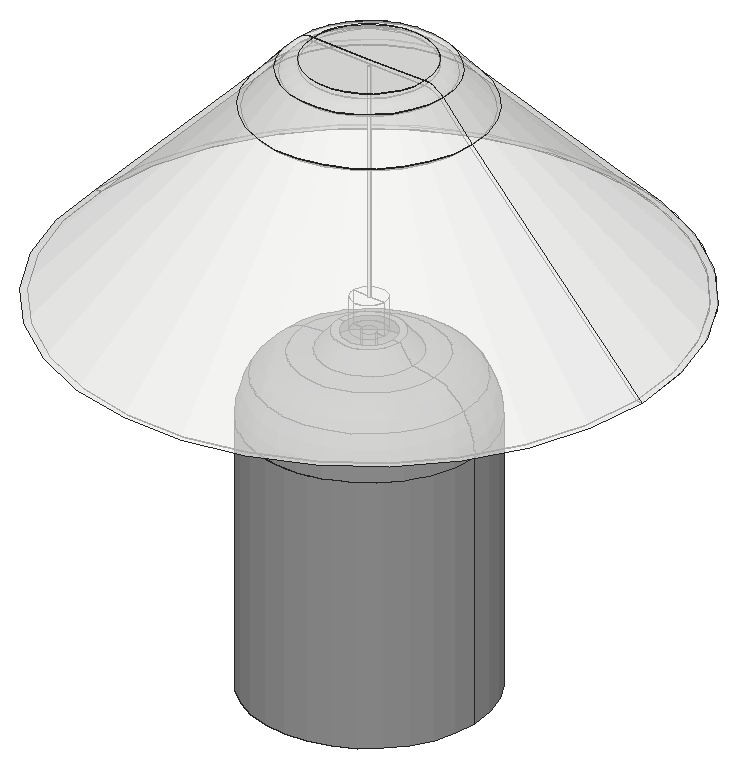
Revit family "ALEGA-Table", category Lighting Fixtures, Revit 2020
Family settings
  Round Connector Dimension = Use Diameter
  Part Type = Normal
  OmniClass Number = 23.80.70.00
  OmniClass Title = Lighting
  Work Plane-Based = Yes
  Always vertical = Yes
  Cut with Voids When Loaded = No
  Light Source = No
  Shared = No
  Room Calculation Point = No
Parameters (values of type "ALEGALT")
  World Region [instance] = yes
  Width = 45 mm
  Voltage Control [instance] = if(World Region, 240 VA, 110 VA)  # 240 VA
  Voltage [instance] = if(World Region, 240 V, 110 V)  # 240 V
  USA and Canada market contacts = "ip@vistosi.it, +39.344.180.73.87"
  USA Region [instance] = not(World Region)  # no
  URL Product Page = "https://vistosi.it/glass-lamps-products/alega-lt/?lang=en&sku=ALEGALT000000CR-BCCRE142CE"
  URL = "https://vistosi.com"
  Type Comments = "Studio Debonademeo"
  Region [instance] = if(World Region, "Europe", "USA")  # "Europe"
  Product data url = ""
  Model = "ALEGA"
  Material Bulb [instance] = 000_VISTOSI_Bulb
  Manufacturer country = "Italy"
  Manufacturer = "Vistosi"
  Light Source [instance] = Bulb : 2700 K 13 W 37 V 2000 lm DIM3 0-10V, Push
  Glass finish_type2 [instance] = none
  Glass finish_type1 [instance] = none
  Frequency [instance] = if(World Region, 50 Hz, 60 Hz)  # 50 Hz
  Frame finish [instance] = none
  Designer = "Studio Debonademeo"
  Description = "TABLE LAMP"
  Depth = 0 mm
  Default Elevation = 1219.2 mm
  Contact = "T. +39 041 5903480 Email: vistosi@vistosi.it"
  Bulb Diametr = 15 mm
  BIMobject category = ""
Reference planes
  plane 1 "Light Source Axis (F/B)": y = 0
  plane 2: z = 0
  plane 3 "Light Source Axis (L/R)": x = 0
  plane 4 "Light Source Elevation": z = 460
  plane 5 "Lamp": z = 285
Forms (mm)
  Extrusion 1, solid
    sketch origin (0, 0, 0) x (1, 0, 0) y (0, 1, 0)
      loop
        circle (0, 0) r 1
    from 285 to 455
Lines and regions (mm)
  Filled region 1, type "MODELLO_2D_JUBE LT     G  -.dwg-1", in view "Front"
    outline origin (0, 0, 0) x (1, 0, 0) y (0, 0, 1)
      loop
        spline (3720.26, -1101.511) -> (3720.266, -1101) -> (3720.276, -1100.445) -> (3720.279, -1099.863) -> (3720.264, -1099.271) -> (3720.219, -1098.685) -> (3720.134, -1098.124) -> (3719.997, -1097.602) -> (3719.796, -1097.138) -> (3719.522, -1096.748) -> (3719.162, -1096.448) -> (3718.706, -1096.256) -> (3718.142, -1096.188)
        spline (3718.142, -1096.188) -> (3717.768, -1096.231) -> (3717.446, -1096.352) -> (3717.171, -1096.544) -> (3716.94, -1096.798) -> (3716.749, -1097.104) -> (3716.595, -1097.454) -> (3716.475, -1097.84) -> (3716.384, -1098.251) -> (3716.319, -1098.68) -> (3716.277, -1099.117) -> (3716.255, -1099.556) -> (3716.249, -1099.987)
        line (3716.249, -1099.987) -> (3716.249, -1104.121) -> (3720.26, -1104.121) -> (3720.26, -1101.511)
Dimensions and locks
  locked: plane 4 "Light Source Elevation" to plane 2 at 460
  aligned and locked: level to plane 2
Nested families
  nested 1: "ALEGA_Leg" at (0, 0, 0), Glass finish_type1 <- "Glass finish_type1", type "ALEGALT"
  nested 2: "ALEGA_Lampshade" at (0, 0, 460) x (-1, 0, 0) z (0, 0, -1), Glass finish_type2 <- "Glass finish_type2", type "ALEGALT"
  nested 3: "ALEGA_Led ceiling lamp" at (0, 0, 285) x (-1, 0, 0) z (0, 0, 1), Material Bulb <- "Material Bulb", Bulb Diametr <- "Bulb Diametr", type "ALEGALT"
    with Material Bulb 000_VISTOSI_Bulb, Bulb Diametr 15 mm
  nested 4: "Bulb" at (0, 0, -1275) x (-1, 0, 0) z (0, 0, 1), type "2700 K 13 W 37 V 2000 lm DIM2 Phase Cut"
    with Material 000_VISTOSI_Bulb, Diameter bulb 15 mm
Connectors
  electrical at (0, 0, 9.5), driven by "Voltage", driven by "Voltage Control"
    settings: on nested 1, index 1, voltage 240 V, apparent load 0 VA, apparent load phase1 240 VA, apparent load phase2 0 VA, apparent load phase3 0 VA, power factor 1, load classification "Other", number of poles 1, system type 31, power factor state 1, is connector primary yes, connector utility no, sub classification motor no, connector description ""
Definition of nested family "ALEGA_Leg"
  Parameters (values of type "ALEGALT")
    Glass finish_type1 [instance] = none
    Description = "Top base"  # constant formula
    Default Elevation = 1219.2 mm
  Reference planes
    plane 1 "Center (Front/Back)": y = 0
    plane 2: z = 0
    plane 3 "Center (Left/Right)": x = 0
    plane 4: z = 460
  Forms (mm)
    Extrusion 1, solid
      sketch origin (0, 0, 0) x (1, 0, 0) y (0, 1, 0)
        loop
          line (-1219.2, 1219.2) -> (-1219.2, -1219.2) -> (1219.2, -1219.2) -> (1219.2, 1219.2) -> (-1219.2, 1219.2)
      from 0 to -304.8
    Revolve 2, solid, material <- "Glass finish_type1"
      sketch origin (0, 0, 7) x (1, 0, 0) y (0, 0, 1)
        loop
          line (-86.773, -7) -> (-82.773, -7) -> (-82.773, 189.128)
          arc (-82.773, 189.128) -> (-80.656, 204.186) -> (-74.472, 218.078) r 54.631
          arc (-74.472, 218.078) -> (-65.266, 227.778) -> (-53.003, 233.11) r 33.538
          arc (-53.003, 233.11) -> (-43.621, 234.636) -> (-34.137, 235.251) r 98.594
          line (-34.137, 235.251) -> (-19.906, 252.825) -> (-25.053, 252.825) -> (-36.084, 239.202)
          arc (-36.084, 239.202) -> (-45.007, 238.5) -> (-53.834, 237.023) r 102.594
          arc (-53.834, 237.023) -> (-67.561, 231.055) -> (-77.864, 220.197) r 37.538
          arc (-77.864, 220.197) -> (-84.502, 205.289) -> (-86.773, 189.128) r 58.631
          line (-86.773, 189.128) -> (-86.773, -7)
        axis (0, 252.825) -> (0, -7)
      angle from 0 to 360
  Dimensions and locks
    aligned and locked: plane 2 to Extrusion 1
    aligned and locked: level to Extrusion 1
Definition of nested family "ALEGA_Lampshade"
  Parameters (values of type "ALEGALT")
    Glass finish_type2 [instance] = none
    Description = "Lampshade"  # constant formula
    Default Elevation = 1219.2 mm
  Reference planes
    plane 1 "Center (Front/Back)": y = 0
    plane 2: z = 0
    plane 3 "Center (Left/Right)": x = 0
    plane 4: z = 87.5
  Forms (mm)
    Extrusion 1, solid
      sketch origin (0, 0, 0) x (1, 0, 0) y (0, 1, 0)
        loop
          line (-1219.2, 1219.2) -> (-1219.2, -1219.2) -> (1219.2, -1219.2) -> (1219.2, 1219.2) -> (-1219.2, 1219.2)
      from 0 to -304.8
    Revolve 2, solid, material <- "Glass finish_type2"
      sketch origin (0, 0, 0) x (1, 0, 0) y (0, 0, 1)
        loop
          line (-46.065, 0) -> (0, 0) -> (0, 3.5) -> (-46.065, 3.5)
          arc (-46.065, 3.5) -> (-52.944, 5.003) -> (-58.571, 9.237) r 16.5
          arc (-58.571, 9.237) -> (-70.482, 22.68) -> (-82.775, 35.773) r 622.011
          arc (-82.775, 35.773) -> (-151.058, 105.727) -> (-220.03, 175) r 9861.796
          line (-220.03, 175) -> (-224.995, 175)
          arc (-224.995, 175) -> (-154.786, 104.523) -> (-85.292, 33.341) r 9858.296
          arc (-85.292, 33.341) -> (-73.067, 20.321) -> (-61.224, 6.954) r 618.511
          arc (-61.224, 6.954) -> (-54.404, 1.821) -> (-46.065, 0) r 20
        axis (0, 175) -> (0, 0)
      angle from 0 to 360
  Lines and regions (mm)
    Masking region 1
      outline origin (0, 0, 0) x (1, 0, 0) y (0, 1, 0)
        loop
          circle (0, 0) r 225
    Masking region 2, not visible
      outline origin (0, 0, 0) x (1, 0, 0) y (0, 1, 0)
        loop
          circle (0, 0) r 172.6
    Masking region 3, not visible
      outline origin (0, 0, 0) x (1, 0, 0) y (0, 1, 0)
        loop
          circle (0, 0) r 80
  Dimensions and locks
    aligned and locked: plane 2 to Extrusion 1
    aligned and locked: level to Extrusion 1
Definition of nested family "ALEGA_Led ceiling lamp"
  Parameters (values of type "ALEGALT")
    Material Bulb [instance] = none
    Default Elevation = 1219.2 mm
    Bulb Diametr [instance] = 15 mm
  Reference planes
    plane 1 "Center (Front/Back)": y = 0
    plane 2: z = 0
    plane 3 "Center (Left/Right)": x = 0
  Forms (mm)
    Revolve 1, solid, not visible
      sketch origin (0, 0, 0) x (1, 0, 0) y (0, 0, 1)
        loop
          line (0, 32) -> (0, 44.026) -> (-10.5, 44.026) -> (-10.5, 0) -> (-9.501, 0) -> (-9.501, 32) -> (0, 32)
        axis (0, 44.026) -> (0, 0)
      angle from 0 to 360
    Extrusion 2, solid, not visible
      sketch origin (-47.46, -1524, 39.023) x (-1, 0, 0) y (0, -1, 0)
        loop
          circle (-47.46, -1524) r 23
        loop
          arc (-20.73, -1517.538) -> (-47.46, -1496.5) -> (-74.19, -1517.538) r 27.5
          arc (-74.19, -1517.538) -> (-74.918, -1518.592) -> (-76.134, -1518.997) r 2.024
          line (-76.134, -1518.997) -> (-81.981, -1518.997)
          arc (-81.981, -1518.997) -> (-83.396, -1519.583) -> (-83.982, -1520.998) r 2.001
          line (-83.982, -1520.998) -> (-83.982, -1527.002)
          arc (-83.982, -1527.002) -> (-83.396, -1528.417) -> (-81.981, -1529.003) r 2.001
          line (-81.981, -1529.003) -> (-76.134, -1529.003)
          arc (-76.134, -1529.003) -> (-74.918, -1529.408) -> (-74.19, -1530.462) r 2.024
          arc (-74.19, -1530.462) -> (-47.46, -1551.5) -> (-20.73, -1530.462) r 27.5
          arc (-20.73, -1530.462) -> (-20.001, -1529.408) -> (-18.786, -1529.003) r 2.024
          line (-18.786, -1529.003) -> (-12.939, -1529.003)
          arc (-12.939, -1529.003) -> (-11.524, -1528.417) -> (-10.938, -1527.002) r 2.001
          line (-10.938, -1527.002) -> (-10.938, -1520.998)
          arc (-10.938, -1520.998) -> (-11.524, -1519.583) -> (-12.939, -1518.997) r 2.001
          line (-12.939, -1518.997) -> (-18.786, -1518.997)
          arc (-18.786, -1518.997) -> (-20.001, -1518.592) -> (-20.73, -1517.538) r 2.024
      from 0 to 2
    Extrusion 3, solid, not visible
      sketch origin (0, 0, 45.026) x (-1, 0, 0) y (0, -1, 0)
        loop
          circle (0, 0) r 37.5
        loop
          circle (0, 0) r 23
      from 0 to 3
    Extrusion 4, solid, not visible
      sketch origin (0, 0, 45.026) x (-1, 0, 0) y (0, -1, 0)
        loop
          circle (0, 0) r 23
        loop
          arc (-3.178, 11.052) -> (-1.5, 15.437) -> (-5.25, 18.26) r 3.902
          arc (-5.25, 18.26) -> (-19, 0) -> (-5.25, -18.26) r 19
          arc (-5.25, -18.26) -> (-1.5, -15.437) -> (-3.178, -11.052) r 3.902
          arc (-3.178, -11.052) -> (-11.5, 0) -> (-3.178, 11.052) r 11.5
        loop
          arc (5.25, -18.26) -> (19, 0) -> (5.25, 18.26) r 19
          arc (5.25, 18.26) -> (1.5, 15.437) -> (3.178, 11.052) r 3.902
          arc (3.178, 11.052) -> (11.5, 0) -> (3.178, -11.052) r 11.5
          arc (3.178, -11.052) -> (1.5, -15.437) -> (5.25, -18.26) r 3.902
      from -1 to 4
    Revolve 5, solid, not visible, detail levels medium+fine
      sketch origin (0, 0, 16.671) x (1, 0, 0) y (0, 0, 1)
        loop
          line (-3.4, 38.338) -> (-5.417, 38.338)
          arc (-5.417, 38.338) -> (-5.816, 38.227) -> (-6.1, 37.926) r 0.773
          line (-6.1, 37.926) -> (-6.1, 35.912) -> (-4.9, 35.912) -> (-4.9, 28.855) -> (-3.4, 28.855) -> (-3.4, 38.338)
        axis (0, 38.338) -> (0, 28.855)
      angle from 0 to 360
    Revolve 6, solid
      sketch origin (0, 0, 0) x (1, 0, 0) y (0, 0, 1)
        loop
          line (-13.024, 0) -> (-13.024, -25) -> (-5.623, -25) -> (-5.623, -50)
          arc (-5.623, -50) -> (-13.173, -59.705) -> (-5.623, -69.409) r 10.012
          arc (-5.623, -69.409) -> (-2.833, -69.947) -> (0, -70.158) r 24.466
          line (0, -70.158) -> (0, 0) -> (-13.024, 0)
        axis (0, 0) -> (0, -70.158)
      angle from 0 to 360
  Dimensions and locks
    locked: level to nested 1 at 60
    aligned and locked: level to plane 2
    aligned and locked: Extrusion 4 sketch curve to Extrusion 3
    aligned and locked: Extrusion 2 sketch curve to Extrusion 3  (x2)
    aligned and locked: plane 3 "Center (Left/Right)" to nested 1
  Nested families
    nested 1: "Bulb" at (0, 0, -1560), Material <- "Material Bulb", Diameter bulb <- "Bulb Diametr", type "2700 K 13 W 37 V 2000 lm DIM2 Phase Cut"
      with Material none, Diameter bulb 15 mm
  Definition of nested family "Bulb"
    Parameters (values of type "3000 K 13 W 37 V 2000 lm DIM3 0-10V, Push")
      Wattage = 13.4642 W
      built-in parameter 1150110 = 1 (stored number, unit not read)
      USA and Canada market contacts = ""
      built-in parameter 1114217 = 1 (stored number, unit not read)
      built-in parameter 1150109 = 1 (stored number, unit not read)
      built-in parameter 1150134 = (empty or 0)
      built-in parameter 1150113 = 1 (stored number, unit not read)
      Material [instance] = none
      Diameter bulb [instance] = 15 mm
      Lumens = 2000 lm
      built-in parameter 1150115 = 1 (stored number, unit not read)
      built-in parameter 1150105 = 159.15 (stored number, unit not read)
      Light Source Symbol Size = 30 mm
      built-in parameter 1150137 = (empty or 0)
      built-in parameter 1150139 = (empty or 0)
      built-in parameter 1150112 = 1 (stored number, unit not read)
      built-in parameter 1150114 = 1 (stored number, unit not read)
      built-in parameter 1150132 = 2
      built-in parameter 1150102 = (empty or 0)
      built-in parameter 1150138 = (empty or 0)
      built-in parameter 1150107 = 3000 (stored number, unit not read)
      built-in parameter 1150106 = 1.5915 (stored number, unit not read)
      built-in parameter 1150104 = 13.8 (stored number, unit not read)
      Dimming Lamp Color Temperature Shift = (empty or 0)
      Default Elevation = 1219.2 mm
      Color Filter = 16777215
      built-in parameter 1114218 = 1 (stored number, unit not read)
      built-in parameter 1150133 = 10 (stored number, unit not read)
    Types (4, lengths in mm): name | built-in parameter 1150107
      2700 K 13 W 37 V 2000 lm DIM2 Phase Cut | 2700 (stored number, unit not read)
      2700 K 13 W 37 V 2000 lm DIM3 0-10V, Push | 2700 (stored number, unit not read)
      3000 K 13 W 37 V 2000 lm DIM2 Phase Cut | 3000 (stored number, unit not read)
      3000 K 13 W 37 V 2000 lm DIM3 0-10V, Push | 3000 (stored number, unit not read)
    Reference planes
      plane 1 "Light Source Axis (F/B)": y = 0
      plane 2: z = 0
      plane 3 "Light Source Axis (L/R)": x = 0
      plane 4 "Light Source Elevation": z = 1500
    Forms (mm)
      Revolve 1, solid, material <- "Material"
        sketch origin (0, 0, 0) x (1, 0, 0) y (0, 0, 1)
          loop
            arc (0, 1515) -> (-15, 1500) -> (0, 1485) r 15
            line (0, 1485) -> (0, 1515)
          axis (0, 1515) -> (0, 1485)
        angle from 0 to 360
    Dimensions and locks
      "Diameter bulb": radius of Revolve 1 sketch curve
      aligned and locked: plane 3 "Light Source Axis (L/R)" to imposter light
      aligned and locked: plane 1 "Light Source Axis (F/B)" to imposter light
      aligned and locked: plane 4 "Light Source Elevation" to imposter light
      aligned and locked: level to plane 2
    Automatic sketch dimensions
      Revolve 1 sketch curve to plane 3 "Light Source Axis (L/R)" = 0 mm  (x2)
      Revolve 1 sketch curve to plane 4 "Light Source Elevation" = 0 mm
      Revolve 1 sketch curve to Revolve 1 sketch curve = 5 mm  (x2)
Definition of nested family "Bulb"
  Parameters (values of type "3000 K 13 W 37 V 2000 lm DIM3 0-10V, Push")
    Wattage = 13.4642 W
    built-in parameter 1150110 = 1 (stored number, unit not read)
    USA and Canada market contacts = ""
    built-in parameter 1114217 = 1 (stored number, unit not read)
    built-in parameter 1150109 = 1 (stored number, unit not read)
    built-in parameter 1150134 = (empty or 0)
    built-in parameter 1150113 = 1 (stored number, unit not read)
    Material [instance] = none
    Diameter bulb [instance] = 15 mm
    Lumens = 2000 lm
    built-in parameter 1150115 = 1 (stored number, unit not read)
    built-in parameter 1150105 = 159.15 (stored number, unit not read)
    Light Source Symbol Size = 30 mm
    built-in parameter 1150137 = (empty or 0)
    built-in parameter 1150139 = (empty or 0)
    built-in parameter 1150112 = 1 (stored number, unit not read)
    built-in parameter 1150114 = 1 (stored number, unit not read)
    built-in parameter 1150132 = 2
    built-in parameter 1150102 = (empty or 0)
    built-in parameter 1150138 = (empty or 0)
    built-in parameter 1150107 = 3000 (stored number, unit not read)
    built-in parameter 1150106 = 1.5915 (stored number, unit not read)
    built-in parameter 1150104 = 13.8 (stored number, unit not read)
    Dimming Lamp Color Temperature Shift = (empty or 0)
    Default Elevation = 1219.2 mm
    Color Filter = 16777215
    built-in parameter 1114218 = 1 (stored number, unit not read)
    built-in parameter 1150133 = 10 (stored number, unit not read)
  Types (4, lengths in mm): name | built-in parameter 1150107
    2700 K 13 W 37 V 2000 lm DIM2 Phase Cut | 2700 (stored number, unit not read)
    2700 K 13 W 37 V 2000 lm DIM3 0-10V, Push | 2700 (stored number, unit not read)
    3000 K 13 W 37 V 2000 lm DIM2 Phase Cut | 3000 (stored number, unit not read)
    3000 K 13 W 37 V 2000 lm DIM3 0-10V, Push | 3000 (stored number, unit not read)
  Reference planes
    plane 1 "Light Source Axis (F/B)": y = 0
    plane 2: z = 0
    plane 3 "Light Source Axis (L/R)": x = 0
    plane 4 "Light Source Elevation": z = 1500
  Forms (mm)
    Revolve 1, solid, material <- "Material"
      sketch origin (0, 0, 0) x (1, 0, 0) y (0, 0, 1)
        loop
          arc (0, 1515) -> (-15, 1500) -> (0, 1485) r 15
          line (0, 1485) -> (0, 1515)
        axis (0, 1515) -> (0, 1485)
      angle from 0 to 360
  Dimensions and locks
    "Diameter bulb": radius of Revolve 1 sketch curve
    aligned and locked: plane 3 "Light Source Axis (L/R)" to imposter light
    aligned and locked: plane 1 "Light Source Axis (F/B)" to imposter light
    aligned and locked: plane 4 "Light Source Elevation" to imposter light
    aligned and locked: level to plane 2
  Automatic sketch dimensions
    Revolve 1 sketch curve to plane 3 "Light Source Axis (L/R)" = 0 mm  (x2)
    Revolve 1 sketch curve to plane 4 "Light Source Elevation" = 0 mm
    Revolve 1 sketch curve to Revolve 1 sketch curve = 5 mm  (x2)
